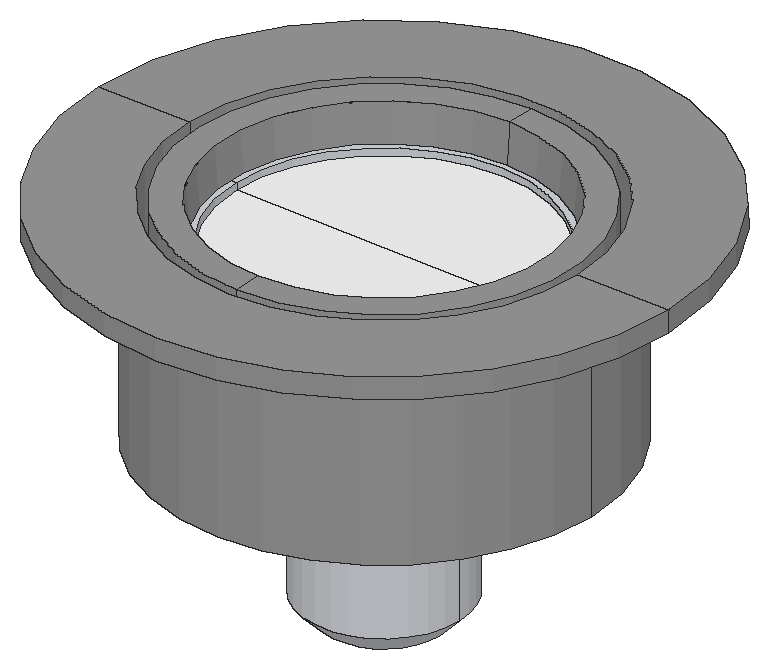
Revit family "0005726", category Lighting Fixtures, host Face, Revit 2017
Family settings
  Host = Face
  Round Connector Dimension = Use Diameter
  Part Type = Normal
  OmniClass Number = 23.80.70.00
  OmniClass Title = Lighting
  Cut with Voids When Loaded = No
  Light Source = No
  Shared = No
  Room Calculation Point = No
Parameters (values of type "0005726 Sylspot Kit R 345LM 840 ADJ IP20 WH")
  Weight = "4.32 kg"
  Wattage Comments = ""
  WarrantyStartDate [instance] = "n/a"
  WarrantyGuarantorParts = "n/a"
  WarrantyDurationUnit = "n/a"
  WarrantyDurationParts = "n/a"
  WarrantyDescription = "n/a"
  Voltage = 230 V
  URL = "http://www.sylvania-lighting.com"
  TypeName = "Sylspot Kit R 345lm 840 Adj IP20 WHT"
  TypeLamp_SYL = SylSpot GU10 : 0005726 Sylspot Kit R 345LM 840 ADJ IP20 WH
  Type Image = <None>
  Type Comments = "n/a"
  TrimHeight_SYL = 3 mm
  TiltAngle_SYL [instance] = 0.00°
  SerialNumber [instance] = "n/a"
  Radius_SYL = 42.5 mm
  RadiusInner2_SYL = 29 mm
  RadiusHousingUpper_SYL = 34.1 mm
  RadiusCutOut_SYL = 35 mm
  Material_3_SYL = none
  PowerFactor = 0
  PowerConsumption = "4.5 W"
  NominalLength = 90 mm
  NominalHeight = 85 mm
  NominalDepth = 90 mm
  Name = "Sylspot Kit R 345lm 840 Adj IP20 WHT"
  ModelReference = Name  # "Sylspot Kit R 345lm 840 Adj IP20 WHT"
  ModelNumber = "0005726"
  Model = Name  # "Sylspot Kit R 345lm 840 Adj IP20 WHT"
  Material = "pc polycarbonate housing"
  ManufacturerName = "Feilo Sylvania"
  Manufacturer = "Feilo Sylvania"
  LuminousEfficacy = "77 lm/W"
  LuminaireType = ""
  LightOutputRatio = "n/a"
  LampsType = Lamp  # "LED"
  LampNominalLuminous = "345 lm"
  LampMacAdamStep = "6"
  LampColourTemperature = "4000 K"
  LampColourRenderingIndex = "80"
  Lamp = "LED"
  Keynote = "16500"
  InstallationDate [instance] = "n/a"
  InputVoltage = "220-240 V AC"
  InputNominalFrequency = "50/60 Hz"
  IngressProtection = "IP20"
  ImpactProtectionIndex = "IK02"
  IfcExportType = "IfcLightFixtureType"
  IfcExportAs = "IfcLightFixtureType"
  HeightHousing_SYL = 31.6 mm
  EndAngle_SYL [instance] = TiltAngle_SYL + 180.00°  # 180.00°
  ElectricShockClassification = "Class II"
  DocumentationLiterature = "http://www.sylvania-lighting.com/product/en-int/products/0005726"
  DimmingControlOptions = "n/a"
  Material_2_SYL = LED
  Description = "Recessed spotlight Kit with RefLED GU10 LED spotlight lamp Ø50mm. Polycarbonate body, round bezel ring in white color finish, vertical tilt 25°, IP20 degree of protection, class II. Lumen output 345lm, CCT 4000K, beam angle 36°, power 4,5W, efficacy 77 lm/W, lifetime 15.000h. Outer dimensions: Ø80x90mm, cut-out Ø68-76mm. Suitable for internal environment only and for LED lamps only."
  Default Elevation = 1219.2 mm
  CreatedOn = "11/14/2019"
  CreatedBy = "@sylvania-lighting.com"
  Cost = 0
  built-in parameter 1114216 [instance] = (empty or 0)
  ClassificationValue = "EF_70_80"
  ClassificationName = "Uniclass2015"
  Material_1_SYL = PC/ABS Plastic
  BarCode [instance] = "n/a"
  AxisFromBottom_SYL = 6.7 mm
  AssetType = "Fixed"
  AssetIdentifier [instance] = "n/a"
  Assembly Code = "D5020200"
  Apparent Load = 4.5 VA
  Material_4_SYL = none
Reference planes
  plane 1 "Center (Front/Back)": y = 0
  plane 2: z = 0
  plane 3 "Center (Left/Right)": x = 0
  plane 4: x = -35
  plane 5: z = -100
  plane 6: x = -42.5
  plane 7: z = 3
  plane 8: z = -28.6
  plane 9: x = -29
  plane 10: z = -0.4
  plane 11: x = -31
  plane 12: z = -3.7
Forms (mm)
  Revolve 1, void
    sketch origin (0, 0, 0) x (1, 0, 0) y (0, 0, 1)
      loop
        line (0, 0) -> (-35, 0) -> (-35, -100) -> (0, -100) -> (0, 0)
      axis (0, 0) -> (0, -100)
    angle from 360 to 0
  Revolve 2, solid, material "PC/ABS Plastic" <- "Material_1_SYL"
    sketch origin (0, 0, 0) x (1, 0, 0) y (0, 0, 1)
      loop
        line (-29, -28.6) -> (-29, 3) -> (-42.5, 3) -> (-42.5, 0) -> (-31, 0) -> (-31, -28.6) -> (-29, -28.6)
      axis (0, 3) -> (0, -28.6)
    angle from 360 to 0
  Revolve 3, solid, not visible
    sketch origin (200, -4572, -3.7) x (0, -1, 0) y (1, 0, 0)
      loop
        line (-4572, -200) -> (-4582, -200) -> (-4582, -205) -> (-4572, -205) -> (-4572, -200)
      axis (-4582, -200) -> (-4572, -200)
    angle from 0 <- "TiltAngle_SYL" to 180 <- "EndAngle_SYL"
Dimensions and locks
  "RadiusCutOut_SYL": plane 3 "Center (Left/Right)" to plane 4
  locked: plane 2 to plane 5 at 100
  "TrimHeight_SYL": plane 7 to plane 2
  "Radius_SYL": plane 3 "Center (Left/Right)" to plane 6
  "HeightHousing_SYL": plane 7 to plane 8
  "RadiusInner2_SYL": plane 3 "Center (Left/Right)" to plane 9
  "AxisFromBottom_SYL": plane 7 to plane 12
  locked: plane 9 to plane 11 at 2
  aligned and locked: plane 2 to host face
  aligned and locked: level to host face
  aligned and locked: Revolve 1 sketch curve to plane 3 "Center (Left/Right)"
  aligned and locked: host face to Revolve 1 sketch curve
  aligned and locked: plane 3 "Center (Left/Right)" to Revolve 1 sketch curve
  aligned and locked: Revolve 1 sketch curve to plane 5
  aligned and locked: Revolve 1 sketch curve to plane 4
  aligned and locked: Revolve 2 sketch curve to plane 3 "Center (Left/Right)"
  aligned and locked: plane 9 to Revolve 2 sketch curve
  aligned and locked: plane 7 to Revolve 2 sketch curve
  aligned and locked: Revolve 2 sketch curve to plane 6
  aligned and locked: Revolve 2 sketch curve to level
  aligned and locked: Revolve 3 sketch curve to plane 3 "Center (Left/Right)"
  aligned and locked: Revolve 3 sketch curve to plane 1 "Center (Front/Back)"
  aligned and locked: Revolve 3 sketch curve to Revolve 3 sketch curve
  aligned and locked: Revolve 2 sketch curve to plane 7
  aligned and locked: Revolve 2 sketch curve to plane 8
  aligned and locked: plane 11 to Revolve 2 sketch curve
  aligned and locked: plane 1 "Center (Front/Back)" to nested 1
Automatic sketch dimensions
  host sketch curve to host sketch curve = 100 mm  (x2)
  Revolve 1 sketch curve to plane 5 = 509.6 mm
  Revolve 1 sketch curve to plane 7 = 2606.058 mm
  Revolve 3 sketch curve to Revolve 3 sketch curve = 10 mm
  Revolve 3 sketch curve to Revolve 3 sketch curve = 5 mm
  Revolve 3 sketch curve to Revolve 3 sketch curve = 1514 mm
  plane 1 "Center (Front/Back)" to Revolve 3 sketch curve = 1524 mm
  Revolve 2 sketch curve to plane 5 = 509.6 mm
  Revolve 2 sketch curve to plane 7 = 2606.058 mm
Nested families
  nested 1: "SylSpot Ring" at (0, 0, -3.7) x (0, -1, 0) z (0, 0, 1), type "Type Name"
  nested 2: "SylSpot GU10" at (0, 0, -2.6) x (1, 0, 0) z (0, 0, -1), type <- "TypeLamp_SYL", type "0005726 Sylspot Kit R 345LM 840 ADJ IP20 WH"
    with WarrantyStartDate "n/a", SerialNumber "n/a", InstallationDate "n/a", built-in parameter 1114216 (empty or 0), BarCode "n/a", AssetIdentifier "n/a"
Definition of nested family "SylSpot Ring"
  Parameters (values of type "Type Name")
    URL = "http://www.sylvania-lighting.com"
    Type Image = (empty or 0)
    Type Comments = "n/a"
    Material_3_SYL = none
    Model = ""
    Manufacturer = "Feilo Sylvania"
    Keynote = ""
    Material_2_SYL = none
    Description = ""
    Default Elevation = 1219.2 mm
    Cost = 0
    Material_1_SYL = none
    Assembly Code = ""
    Material_4_SYL = none
  Reference planes
    plane 1 "Center (Front/Back)": y = 0
    plane 2: z = 0
    plane 3 "Center (Left/Right)": x = 0
    plane 4: x = 27.5
    plane 5: x = 23.5
    plane 6: x = 23
    plane 7: z = 6.6
    plane 8: z = -7.9
    plane 9: z = 1.1
    plane 10: x = 24.6
  Forms (mm)
    Extrusion 1, solid
      sketch origin (1119.2, -1119.2, 0) x (1, 0, 0) y (0, 1, 0)
        loop
          line (-1179.2, 1180.988) -> (-1179.2, 1060.988) -> (-1059.2, 1060.988) -> (-1059.2, 1180.988) -> (-1179.2, 1180.988)
      from 0 to -68.017
    Revolve 2, solid, material <- "Material_1_SYL"
      sketch origin (0, 0, 0) x (1, 0, 0) y (0, 0, 1)
        loop
          line (27.5, 6.6) -> (23.409, 6.6) -> (22.909, 1.1) -> (24.6, 1.1) -> (24.6, -7.9) -> (27.5, -7.9) -> (27.5, 6.6)
        axis (0, 6.6) -> (0, -7.9)
      angle from 360 to 0
  Dimensions and locks
    plane 4 to plane 5 to plane 6 to plane 3 "Center (Left/Right)" = 4 mm locked, 0.5 mm locked, 23 mm locked
    locked: plane 7 to plane 8 at 14.5
    locked: plane 7 to plane 2 at 6.6
    locked: plane 7 to plane 9 at 5.5
    locked: plane 10 to plane 3 "Center (Left/Right)" at 24.6
    aligned and locked: plane 2 to Extrusion 1
    aligned and locked: level to Extrusion 1
    aligned and locked: Revolve 2 sketch curve to plane 3 "Center (Left/Right)"
    aligned and locked: plane 7 to Revolve 2 sketch curve  (x3)
    aligned and locked: Revolve 2 sketch curve to plane 4
    aligned and locked: Revolve 2 sketch curve to plane 8
    aligned and locked: plane 10 to Revolve 2 sketch curve
    aligned and locked: plane 9 to Revolve 2 sketch curve
    aligned and locked: Revolve 2 sketch curve to plane 10
Definition of nested family "SylSpot GU10"
  Parameters (values of type "0005729 Sylspot Kit R 345LM 840 ADJ IP20 CH")
    Weight = "4.32 kg"
    Wattage Comments = ""
    Wattage = 4.5 W
    WarrantyStartDate [instance] = "n/a"
    WarrantyGuarantorParts = "n/a"
    WarrantyDurationUnit = "n/a"
    WarrantyDurationParts = "n/a"
    WarrantyDescription = "n/a"
    built-in parameter 1150110 = 1 (stored number, unit not read)
    Voltage = 230 V
    URL = "http://www.sylvania-lighting.com"
    TypeName = "Sylspot Kit R 345lm 840 Adj IP20 CHR"
    Type Image = (empty or 0)
    Type Comments = "n/a"
    built-in parameter 1114217 = 1 (stored number, unit not read)
    Tilt Angle = -90.00°
    built-in parameter 1150109 = 1 (stored number, unit not read)
    built-in parameter 1150134 = 12
    built-in parameter 1150113 = 1 (stored number, unit not read)
    SerialNumber [instance] = "n/a"
    RadiusLuminousArea_SYL = 22 mm
    Photometric Web File = "0005729.ies"
    Material_3_SYL = none
    PowerFactor = 0
    PowerConsumption = "4.5 W"
    NominalLength = 90 mm
    NominalHeight = 85 mm
    NominalDepth = 90 mm
    Name = "Sylspot Kit R 345lm 840 Adj IP20 CHR"
    ModelReference = Name  # "Sylspot Kit R 345lm 840 Adj IP20 CHR"
    ModelNumber = "0005729"
    Model = Name  # "Sylspot Kit R 345lm 840 Adj IP20 CHR"
    Material = "pc polycarbonate housing"
    ManufacturerName = "Feilo Sylvania"
    Manufacturer = "Feilo Sylvania"
    LuminousEfficacy = "77 lm/W"
    built-in parameter 1150105 = 593.59 (stored number, unit not read)
    Lumens = 346.5 lm
    LuminaireType = ""
    built-in parameter 1150115 = 1 (stored number, unit not read)
    LightOutputRatio = "n/a"
    built-in parameter 1150137 = (empty or 0)
    built-in parameter 1150139 = (empty or 0)
    LampsType = Lamp  # "LED"
    LampNominalLuminous = "345 lm"
    LampMacAdamStep = "6"
    LampColourTemperature = "4000 K"
    LampColourRenderingIndex = "80"
    built-in parameter 1150112 = 1 (stored number, unit not read)
    built-in parameter 1150114 = 1 (stored number, unit not read)
    Lamp = "LED"
    Keynote = "16500"
    InstallationDate [instance] = "n/a"
    InputVoltage = "n/a"
    InputNominalFrequency = "n/a"
    built-in parameter 1150132 = (empty or 0)
    built-in parameter 1150102 = (empty or 0)
    built-in parameter 1150107 = 4000 (stored number, unit not read)
    built-in parameter 1150138 = (empty or 0)
    IngressProtection = "IP20"
    ImpactProtectionIndex = "IK02"
    built-in parameter 1150106 = 5.9359 (stored number, unit not read)
    IfcExportType = "IfcLightFixtureType"
    IfcExportAs = "IfcLightFixtureType"
    Emit from Circle Diameter = RadiusLuminousArea_SYL * 2  # 44 mm
    Emit Shape Visible in Rendering = no
    ElectricShockClassification = "Class II"
    built-in parameter 1150104 = 7.1535 (stored number, unit not read)
    DocumentationLiterature = "http://www.sylvania-lighting.com/product/en-int/products/0005729"
    DimmingControlOptions = "n/a"
    Material_2_SYL = none
    Dimming Lamp Color Temperature Shift = (empty or 0)
    Description = "Recessed spotlight Kit with RefLED GU10 LED spotlight lamp Ø50mm. Polycarbonate body, round bezel ring in chrome finish, vertical tilt 25°, IP20 degree of protection, class II. Lumen output 345lm, CCT 4000K, beam angle 36°, power 4,5W, efficacy 77 lm/W, lifetime 15.000h. Outer dimensions: Ø80x90mm, cut-out Ø68-76mm. Suitable for internal environment only and for LED lamps only."
    Default Elevation = 1219.2 mm
    CreatedOn = "11/14/2019"
    CreatedBy = "@sylvania-lighting.com"
    Cost = 0
    Color Filter = 16777215
    built-in parameter 1114216 [instance] = (empty or 0)
    ClassificationValue = "EF_70_80"
    ClassificationName = "Uniclass2015"
    Material_1_SYL = none
    BarCode [instance] = "n/a"
    built-in parameter 1114218 = 1 (stored number, unit not read)
    built-in parameter 1150133 = 10 (stored number, unit not read)
    AssetType = "Fixed"
    AssetIdentifier [instance] = "n/a"
    Assembly Code = "D5020200"
    Apparent Load = 4.5 VA
    Material_4_SYL = none
  Types (4, lengths in mm): name | TypeName | built-in parameter 1150134 | Photometric Web File | Name | ModelReference | ModelNumber | Model | LampColourTemperature | built-in parameter 1150107 | DocumentationLiterature | Description
    0005729 Sylspot Kit R 345LM 840 ADJ IP20 CH | "Sylspot Kit R 345lm 840 Adj IP20 CHR" | 12 | "0005729.ies" | "Sylspot Kit R 345lm 840 Adj IP20 CHR" | "Sylspot Kit R 345lm 840 Adj IP20 CHR" | "0005729" | "Sylspot Kit R 345lm 840 Adj IP20 CHR" | "4000 K" | 4000 (stored number, unit not read) | "http://www.sylvania-lighting.com/product/en-int/products/0005729" | "Recessed spotlight Kit with RefLED GU10 LED spotlight lamp Ø50mm. Polycarbonate body, round bezel ring in chrome finish, vertical tilt 25°, IP20 degree of protection, class II. Lumen output 345lm, CCT 4000K, beam angle 36°, power 4,5W, efficacy 77 lm/W, lifetime 15.000h. Outer dimensions: Ø80x90mm, cut-out Ø68-76mm. Suitable for internal environment only and for LED lamps only."
    0005728 Sylspot Kit R 345LM 830 ADJ IP20 CH | "Sylspot Kit R 345lm 830 Adj IP20 CHR" | (empty or 0) | "0005728.ies" | "Sylspot Kit R 345lm 830 Adj IP20 CHR" | "Sylspot Kit R 345lm 830 Adj IP20 CHR" | "0005728" | "Sylspot Kit R 345lm 830 Adj IP20 CHR" | "3000 K" | 3000 (stored number, unit not read) | "http://www.sylvania-lighting.com/product/en-int/products/0005728" | "Recessed spotlight Kit with RefLED GU10 LED spotlight lamp Ø50mm. Polycarbonate body, round bezel ring in chrome finish, vertical tilt 25°, IP20 degree of protection, class II. Lumen output 345lm, CCT 3000K, beam angle 36°, power 4,5W, efficacy 77 lm/W, lifetime 15.000h. Outer dimensions: Ø80x90mm, cut-out Ø68-76mm. Suitable for internal environment only and for LED lamps only."
    0005726 Sylspot Kit R 345LM 840 ADJ IP20 WH | "Sylspot Kit R 345lm 840 Adj IP20 WHT" | 12 | "0005726.ies" | "Sylspot Kit R 345lm 840 Adj IP20 WHT" | "Sylspot Kit R 345lm 840 Adj IP20 WHT" | "0005726" | "Sylspot Kit R 345lm 840 Adj IP20 WHT" | "4000 K" | 4000 (stored number, unit not read) | "http://www.sylvania-lighting.com/product/en-int/products/0005726" | "Recessed spotlight Kit with RefLED GU10 LED spotlight lamp Ø50mm. Polycarbonate body, round bezel ring in white color finish, vertical tilt 25°, IP20 degree of protection, class II. Lumen output 345lm, CCT 4000K, beam angle 36°, power 4,5W, efficacy 77 lm/W, lifetime 15.000h. Outer dimensions: Ø80x90mm, cut-out Ø68-76mm. Suitable for internal environment only and for LED lamps only."
    0005725 Sylspot Kit R 345LM 830 ADJ IP20 WH | "Sylspot Kit R 345lm 830 Adj IP20 WHT" | (empty or 0) | "0005725.ies" | "Sylspot Kit R 345lm 830 Adj IP20 WHT" | "Sylspot Kit R 345lm 830 Adj IP20 WHT" | "0005725" | "Sylspot Kit R 345lm 830 Adj IP20 WHT" | "3000 K" | 3000 (stored number, unit not read) | "http://www.sylvania-lighting.com/product/en-int/products/0005725" | "Recessed spotlight Kit with RefLED GU10 LED spotlight lamp Ø50mm. Polycarbonate body, round bezel ring in white color finish, vertical tilt 25°, IP20 degree of protection, class II. Lumen output 345lm, CCT 3000K, beam angle 36°, power 4,5W, efficacy 77 lm/W, lifetime 15.000h. Outer dimensions: Ø80x90mm, cut-out Ø68-76mm. Suitable for internal environment only and for LED lamps only."
  Reference planes
    plane 1 "Center (Front/Back)": y = 0
    plane 2: z = 0
    plane 3 "Center (Left/Right)": x = 0
    plane 4: x = -25
    plane 5: x = -23.3
    plane 6: x = -8.5
    plane 7: x = -11.3
    plane 8: z = 2.4
    plane 9: z = 26.5
    plane 10: z = 46.9
    plane 11: z = 49.9
    plane 12: x = -22
    plane 13: z = 1
  Forms (mm)
    Extrusion 1, solid
      sketch origin (1209.2, -1209.2, 0) x (1, 0, 0) y (0, 1, 0)
        loop
          line (-1219.2, 1219.2) -> (-1219.2, 1199.2) -> (-1199.2, 1199.2) -> (-1199.2, 1219.2) -> (-1219.2, 1219.2)
      from 0 to -10
    Revolve 2, solid, material <- "Material_1_SYL"
      sketch origin (0, 0, 0) x (1, 0, 0) y (0, 0, 1)
        loop
          line (-25, 0) -> (-22, 0) -> (-22, 1) -> (0, 1) -> (0, 49.9) -> (-8.3, 49.9) -> (-11.3, 46.9) -> (-11.3, 26.5)
          arc (-11.3, 26.5) -> (-19.145, 15.368) -> (-23.3, 2.4) r 45
          line (-23.3, 2.4) -> (-25, 2.4) -> (-25, 0)
        axis (0, 49.9) -> (0, 0)
      angle from 360 to 0
  Dimensions and locks
    "RadiusLuminousArea_SYL": plane 3 "Center (Left/Right)" to plane 12
    plane 3 "Center (Left/Right)" to plane 6 to plane 7 to plane 12 to plane 5 to plane 4 = 8.5 mm, 2.8 mm, 10.7 mm, 1.3 mm, 1.7 mm
    plane 10 to plane 9 to plane 8 to plane 2 = 20.4 mm locked, 24.1 mm locked, 2.4 mm locked
    locked: plane 11 to plane 10 at 3
    locked: plane 13 to plane 2 at 1
    aligned and locked: plane 2 to Extrusion 1
    aligned and locked: level to Extrusion 1
    aligned and locked: Revolve 2 sketch curve to plane 3 "Center (Left/Right)"
    aligned and locked: Revolve 2 sketch curve to level
    aligned and locked: plane 13 to Revolve 2 sketch curve
    aligned and locked: plane 12 to Revolve 2 sketch curve
    aligned and locked: imposter light to plane 3 "Center (Left/Right)"
    aligned and locked: imposter light to plane 2
    aligned and locked: imposter light to plane 1 "Center (Front/Back)"
  Automatic sketch dimensions
    Extrusion 1 sketch curve to Extrusion 1 sketch curve = 20 mm  (x2)
    Revolve 2 sketch curve to plane 4 = 0 mm
    Revolve 2 sketch curve to plane 5 = 0 mm
    Revolve 2 sketch curve to plane 7 = 0 mm
    Revolve 2 sketch curve to plane 11 = 0 mm
    Revolve 2 sketch curve to plane 3 "Center (Left/Right)" = 0 mm
    Revolve 2 sketch curve to plane 8 = 0 mm
    Revolve 2 sketch curve to plane 9 = 0 mm
    Revolve 2 sketch curve to plane 10 = 0 mm
    plane 6 to Revolve 2 sketch curve = 0.2 mm
    Revolve 2 sketch curve to level = 4.689 mm
    Revolve 2 sketch curve to Revolve 2 sketch curve = 604.911 mm
    Revolve 2 sketch curve to Revolve 2 sketch curve = 2559.158 mm
  Connectors
    electrical at (0, 0, 49.9), driven by "Voltage", driven by "Apparent Load", driven by "PowerFactor"
      settings: on Revolve 2, index 1, voltage 230 V, apparent load 4.5 VA, apparent load phase1 0 VA, apparent load phase2 0 VA, apparent load phase3 0 VA, power factor 0, load classification none, number of poles 1, system type 30, power factor state 1, is connector primary yes, connector utility no, sub classification motor no, connector description ""
